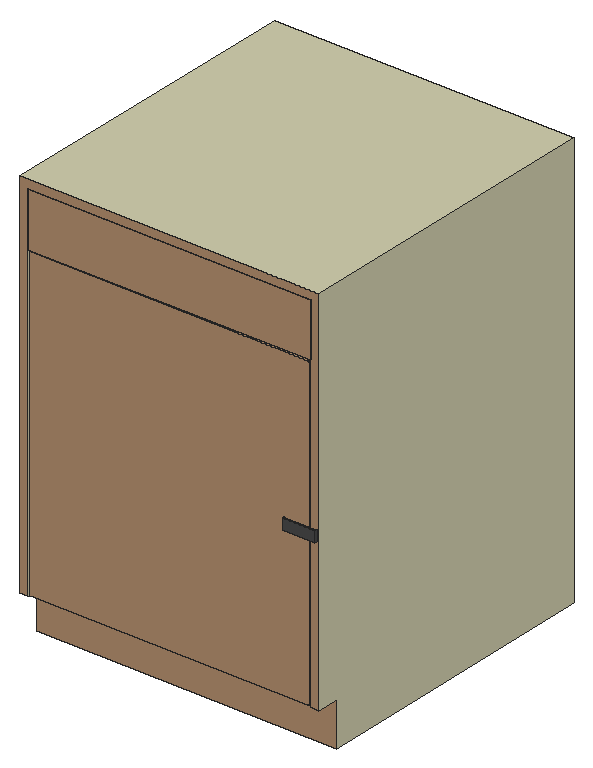
Revit family "Cabinet_Wenger_UltraStor_53", category Furniture, Revit 2015
Parameters (values of type "UltraStor Cabinet #53 - Comp Wood Doors")
  URL = "https://www.wengercorp.com/"
  Type Comments = ""
  Specification = "http://www.arcat.com/sdspecs/htm04/12_35_83wen.htm"
  Shelf Thickness = 0' - 1 1/8"
  Sales Information = "https://www.wengercorp.com/contact-us.php"
  Revision = "R1_2018-04"
  Rear Panel Thickness = 0' - 0 3/4"
  Product Data = "http://www.arcat.com/arcatcos/cos36/arc36487.html"
  Manufacturer Website = "https://www.wengercorp.com/"
  Manufacturer Phone - Toll Free = "800-4WENGER"
  Manufacturer Phone = "(507) 455-4100"
  Manufacturer Fax = "(507) 455-4258"
  Manufacturer Address = "555 Park Dr., Owatonna, MN 55060"
  Keynote = "12 35 83"
  HasDoors = yes
  Green Building-LEED = "http://www.arcat.com/green/clients/leed_data_36487.html"
  Drawn By = "Sumex Design, Inc. / Robert S. Weygant, CSI, CDT, SCIP"
  Door Width = (Cabinet Width - 0' 3") / 3  # 0' - 8.16667"
  Door Style = Door_Base : Solid Door
  Door Material [instance] = Wenger Cherry (Use Cherry Edge Band Only)
  Door Height = (Cabinet Height - 0' 4 3/4") / 5  # 0' - 6.7125"
  Toe Kick Material [instance] = Wenger Cherry (Use Cherry Edge Band Only)
  RH End Panel [instance] = no
  Model = "#53"
  Manufacturer = "Wenger Corporation"
  LH End Panel [instance] = no
  End Panel Material [instance] = Wenger Cherry (Use Cherry Edge Band Only)
  Edge Banding Material [instance] = Wenger Cherry (Use Cherry Edge Band Only)
  Cost = 0
  Copyright = "© 2018 Arcat Inc."
  Construction Details = "http://www.arcat.com/details/wengerco/wengerco.html?coid=36487"
  Body Material [instance] = Wenger - Oyster
  Description = "Wenger UltraStor Cabinet #53 - Comp Wood Doors"
  Cabinet Width = 2' - 3 1/2"
  Cabinet Height = 3' - 2 5/16"
  Installed Depth = 2' - 5 1/4"
  Cabinet Panel Thickness = 0' - 0 3/4"
  Assembly Code = "E2010200"
Types (14): name | Rear Panel Thickness | HasDoors | Door Width | Door Style | Door Material | Model | Description | Cabinet Width | Installed Depth
  Acoustic Cabinet #53 - No Doors | 0' - 3 1/4" | no | 0' - 8.16667" | Door_Base : Solid Door | none | "#53A" | "Wenger Acoustic Cabinet #53 - No Doors" | 2' - 3 1/2" | 2' - 7 3/4"
  Narrow Acoustic Cabinet #53 - No Doors | 0' - 3 1/4" | no | 0' - 6.16667" | Door_Base : Solid Door | none | "#53NA" | "Wenger Narrow Acoustic Cabinet #53 - No Doors" | 1' - 9 1/2" | 2' - 7 3/4"
  Acoustic Cabinet #53 - Comp Waterfall Grille Doors | 0' - 3 1/4" | yes | 0' - 8.16667" | Door_Base : Waterfall | Painted Black | "#53A" | "Wenger Acoustic Cabinet #53 - Comp Waterfall Grille Doors" | 2' - 3 1/2" | 2' - 7 3/4"
  Narrow Acoustic Cabinet #53 - Comp Grille Doors | 0' - 3 1/4" | yes | 0' - 6.16667" | Door_Base : Bars | Painted Black | "#53NA" | "Wenger Narrow Acoustic Cabinet #53 - Comp Grille Doors" | 1' - 9 1/2" | 2' - 7 3/4"
  Narrow Acoustic Cabinet #53 - Comp Waterfall Grille Doors | 0' - 3 1/4" | yes | 0' - 6.16667" | Door_Base : Waterfall | Painted Black | "#53NA" | "Wenger Narrow Acoustic Cabinet #53 - Comp Waterfall Grille Doors" | 1' - 9 1/2" | 2' - 7 3/4"
  Acoustic Cabinet #53 - Comp Grille Doors | 0' - 3 1/4" | yes | 0' - 8.16667" | Door_Base : Bars | Painted Black | "#53A" | "Wenger Acoustic Cabinet #53 - Comp Grille Doors" | 2' - 3 1/2" | 2' - 7 3/4"
  Narrow UltraStor Cabinet #53 - Comp Waterfall Grille Doors | 0' - 0 3/4" | yes | 0' - 6.16667" | Door_Base : Waterfall | Painted Black | "#53N" | "Wenger Narrow Cabinet #53 - Comp Waterfall Grille Doors" | 1' - 9 1/2" | 2' - 5 1/4"
  Narrow UltraStor Cabinet #53 - Comp Grille Doors | 0' - 0 3/4" | yes | 0' - 6.16667" | Door_Base : Bars | Painted Black | "#53N" | "Wenger Narrow Cabinet #53 - Comp Grille Doors" | 1' - 9 1/2" | 2' - 5 1/4"
  UltraStor Cabinet #53 - Comp Wood Doors | 0' - 0 3/4" | yes | 0' - 8.16667" | Door_Base : Solid Door | Wenger Cherry (Use Cherry Edge Band Only) | "#53" | "Wenger UltraStor Cabinet #53 - Comp Wood Doors" | 2' - 3 1/2" | 2' - 5 1/4"
  Narrow UltraStor Cabinet #53 - No Doors | 0' - 0 3/4" | no | 0' - 6.16667" | Door_Base : Solid Door | none | "#53N" | "Wenger Narrow Cabinet #53 - No Doors" | 1' - 9 1/2" | 2' - 5 1/4"
  UltraStor Cabinet #53 - No Doors | 0' - 0 3/4" | no | 0' - 8.16667" | Door_Base : Solid Door | none | "#53" | "Wenger UltraStor Cabinet #53 - No Doors" | 2' - 3 1/2" | 2' - 5 1/4"
  Narrow UltraStor Cabinet #53 - Comp Wood Doors | 0' - 0 3/4" | yes | 0' - 6.16667" | Door_Base : Solid Door | Wenger Cherry (Use Cherry Edge Band Only) | "#53N" | "Wenger Narrow Cabinet #53 - Comp Wood Doors" | 1' - 9 1/2" | 2' - 5 1/4"
  UltraStor Cabinet #53 - Comp Waterfall Grille Doors | 0' - 0 3/4" | yes | 0' - 8.16667" | Door_Base : Waterfall | Painted Black | "#53" | "Wenger UltraStor Cabinet #53 - Comp Waterfall Grille Doors" | 2' - 3 1/2" | 2' - 5 1/4"
  UltraStor Cabinet #53 - Comp Grille Doors | 0' - 0 3/4" | yes | 0' - 8.16667" | Door_Base : Bars | Painted Black | "#53" | "Wenger UltraStor Cabinet #53 - Comp Grille Doors" | 2' - 3 1/2" | 2' - 5 1/4"
Reference planes (in)
  plane 1 "Front": y = 0
  plane 2: z = 0
  plane 3 "Left": x = 0
  plane 4 "Right": x = 27.5
  plane 5 "Back": y = 29.25
  plane 6 "Top": z = 38.3125
  plane 7: z = 4
  plane 8: x = 0.75
  plane 9: x = 26.75
  plane 10: z = 37.5625
  plane 11: x = 8.91667
  plane 12: x = 9.66667
  plane 13: x = 17.83333
  plane 14: x = 18.58333
  plane 15: y = 28.5
  plane 16: y = 2
  plane 17: y = 0.75
  plane 18: z = 5.125
  plane 19: z = 32.5625
Forms (in)
  Extrusion 1, solid, material "Wenger - Oyster" <- "Body Material"
    sketch origin (0, 0, 0) x (0, 1, 0) y (0, 0, 1)
      loop
        line (0, 38.3125) -> (0, 4) -> (2, 4) -> (2, 0) -> (29.25, 0) -> (29.25, 38.3125) -> (0, 38.3125)
    from 0 to 27.5
  Extrusion 2, void
    sketch origin (0, 0, 0) x (0, 1, 0) y (0, 0, 1)
      loop
        line (-5.5, 37.5625) -> (-5.5, 4) -> (0.75, 4)
        arc (0.75, 4) -> (1.15915, 4.80234) -> (2, 5.125) r 1.25694
        line (2, 5.125) -> (28.5, 5.125) -> (28.5, 37.5625) -> (-5.5, 37.5625)
    from 0.75 to 26.75
  Extrusion 3, void
    sketch origin (0, 0, 0) x (0, 1, 0) y (0, 0, 1)
      loop
        line (0, 37.5625) -> (0, 4) -> (0.0625, 4) -> (0.0625, 37.5625) -> (0, 37.5625)
    from 0.75 to 26.75
  Extrusion 4, solid, material "Wenger Cherry (Use Cherry Edge Band Only)" <- "Toe Kick Material"
    sketch origin (0, 0, 0) x (0, 1, 0) y (0, 0, 1)
      loop
        line (0, 37.5625) -> (0, 32.5625) -> (0.75, 32.5625) -> (0.75, 37.5625) -> (0, 37.5625)
    from 0.75 to 26.75
Cuts and joins
  Extrusion 2, Extrusion 3 cuts Extrusion 1
Lines and regions (in)
  Masking region 1
    outline origin (0, 0, 0) x (1, 0, 0) y (0, 1, 0)
      loop
        line (0, 29.25) -> (0, 0) -> (27.5, 0) -> (27.5, 29.25) -> (0, 29.25)
Dimensions and locks (in)
  "Cabinet Panel Thickness": plane 3 "Left" to plane 8
  "Cabinet Panel Thickness": plane 9 to plane 4 "Right"
  "Cabinet Panel Thickness": plane 5 "Back" to plane 15
  locked: plane 1 "Front" to plane 17 at 0.75
  locked: plane 1 "Front" to plane 16 at 2
  "Cabinet Panel Thickness": plane 6 "Top" to plane 10
  "Shelf Thickness": plane 18 to plane 7
  "Cabinet Width": plane 3 "Left" to plane 4 "Right"
  locked: plane 7 to level at 4
  "Cabinet Height": plane 6 "Top" to level
  "Installed Depth": plane 1 "Front" to plane 5 "Back"
  "Door Width": plane 11 to plane 8
  "Door Width": plane 13 to plane 12
  "Door Width": plane 9 to plane 14
  plane 3 "Left" to plane 4 "Right" = 2' - 3 1/2"
  locked: plane 14 to plane 13 at 0.75
  equal spacing: plane 12, nested 2, plane 13
  equal spacing: plane 5 "Back", nested 2, plane 1 "Front"
  locked: plane 10 to plane 19 at 5
  aligned and locked: Extrusion 1 sketch curve to plane 6 "Top"
  aligned and locked: Extrusion 1 sketch curve to plane 5 "Back"
  aligned and locked: Extrusion 1 sketch curve to plane 1 "Front"
  aligned and locked: Extrusion 1 sketch curve to plane 7
  aligned and locked: Extrusion 1 sketch curve to plane 16
  aligned and locked: Extrusion 1 sketch curve to level
  aligned and locked: Extrusion 1 to plane 4 "Right"
  aligned and locked: Extrusion 1 to plane 3 "Left"
  aligned and locked: Extrusion 2 sketch curve to plane 10
  aligned and locked: Extrusion 2 sketch curve to plane 18
  aligned and locked: Extrusion 2 to plane 8
  aligned and locked: Extrusion 3 sketch curve to cut or joined group of Extrusion 1, Extrusion 2, Extrusion 3  (x3)
  aligned and locked: Extrusion 3 to plane 9
  aligned and locked: Extrusion 3 to plane 8
  aligned and locked: nested 3 to plane 8
  aligned and locked: plane 7 to cut or joined group of Extrusion 1, Extrusion 2, Extrusion 3
  aligned and locked: nested 3 to plane 7
  aligned and locked: plane 17 to Extrusion 2 sketch curve
  aligned and locked: plane 1 "Front" to nested 4
  aligned and locked: nested 4 to level
  aligned and locked: nested 4 to plane 4 "Right"
  aligned and locked: Masking region 1 sketch curve to plane 5 "Back"
  aligned and locked: Masking region 1 sketch curve to plane 1 "Front"
  aligned and locked: plane 3 "Left" to Masking region 1 sketch curve
  aligned and locked: plane 4 "Right" to Masking region 1 sketch curve
  aligned and locked: cut or joined group of Extrusion 1, Extrusion 2, Extrusion 3 to plane 9
  aligned and locked: nested 3 to plane 9
  aligned and locked: plane 10 to Extrusion 4 sketch curve
  aligned and locked: plane 1 "Front" to Extrusion 4 sketch curve
  aligned and locked: Extrusion 4 to plane 9
  aligned and locked: Extrusion 4 to plane 8
  aligned and locked: plane 19 to nested 3
  aligned and locked: Extrusion 4 sketch curve to plane 19
  aligned and locked: Extrusion 4 sketch curve to plane 17
Automatic sketch dimensions
  plane 17 to Extrusion 3 sketch curve = 0' - 0 11/16"
  Extrusion 2 sketch curve to plane 7 = 0' - 0"
  Extrusion 2 sketch curve to plane 16 = 0' - 0"
  Extrusion 2 sketch curve to plane 15 = 0' - 0"
  plane 1 "Front" to Extrusion 2 sketch curve = 0' - 5 1/2"
Nested families (in)
  nested 1: "End Panel" at (0, 14.25, 0) x (0, -1, 0) z (0, 0, 1), End Panel Material <- "End Panel Material", visible <- "LH End Panel", Edge Banding Material <- "Edge Banding Material", type "End Panel"
    with End Panel Material Wenger Cherry (Use Cherry Edge Band Only), Edge Banding Material Wenger Cherry (Use Cherry Edge Band Only), End Panel Height 3' - 2 5/16", End Panel Depth 2' - 5 1/4"
  nested 2: "Labels" at (13.75, 14.625, 0), type "Labels"
  nested 3: "Door_Base" at (13.75, 0, 4) x (1, 0, 0) z (0, -1, 0), type <- "Door Style", visible <- "HasDoors", type "Solid Door", detail levels medium+fine
    with vBars 24, Width 2' - 2", ToeKick Height 0' - 4", MidBar no, Height 2' - 4 9/16", BarHt 2' - 4 1/16", 2HzBars no
  nested 4: "End Panel" at (28.25, 14.25, 0) x (0, -1, 0) z (0, 0, 1), End Panel Material <- "End Panel Material", Edge Banding Material <- "Edge Banding Material", visible <- "RH End Panel", type "End Panel"
    with End Panel Material Wenger Cherry (Use Cherry Edge Band Only), Edge Banding Material Wenger Cherry (Use Cherry Edge Band Only), End Panel Height 3' - 2 5/16", End Panel Depth 2' - 5 1/4"
Definition of nested family "End Panel"
  Parameters (values of type "End Panel")
    End Panel Material [instance] = none
    End Panel Height = 7' - 1 5/8"
    End Panel Depth = 1' - 9 3/4"
    Edge Banding Material [instance] = none
    Default Elevation = 4' - 0"
    Assembly Code = ""
  Reference planes (in)
    plane 1 "Center (Front/Back)": y = 0
    plane 2: z = 0
    plane 3 "Center (Left/Right)": x = 0
    plane 4: x = -15
    plane 5: x = 6.75
    plane 6: z = 4
    plane 7: x = 4.75
    plane 8: z = 85.625
    plane 9: y = -0.75
  Forms (in)
    Extrusion 1, solid, material <- "End Panel Material"
      sketch origin (0, 0, 0) x (1, 0, 0) y (0, 0, 1)
        loop
          line (-15, 85.625) -> (-15, 0) -> (4.75, 0) -> (4.75, 4) -> (6.75, 4) -> (6.75, 85.625) -> (-15, 85.625)
      from 0 to 0.75
  Lines and regions (in)
    Masking region 1, detail levels coarse+medium
      outline origin (0, 0, 0) x (1, 0, 0) y (0, 1, 0)
        loop
          line (-15, 0) -> (-15, -0.75) -> (6.75, -0.75) -> (6.75, 0) -> (-15, 0)
  Dimensions and locks (in)
    locked: plane 7 to plane 5 at 2
    locked: plane 6 to level at 4
    "End Panel Height": plane 8 to level
    "End Panel Depth": plane 5 to plane 4
    locked: plane 9 to plane 1 "Center (Front/Back)" at 0.75
    aligned and locked: plane 4 to Extrusion 1 sketch curve
    aligned and locked: level to Extrusion 1 sketch curve
    aligned and locked: plane 7 to Extrusion 1 sketch curve
    aligned and locked: plane 6 to Extrusion 1 sketch curve
    aligned and locked: Extrusion 1 sketch curve to plane 5
    aligned and locked: Extrusion 1 sketch curve to plane 8
    aligned and locked: Extrusion 1 to plane 9
    aligned and locked: Extrusion 1 to plane 1 "Center (Front/Back)"
    aligned and locked: plane 4 to Masking region 1 sketch curve
    aligned and locked: Masking region 1 sketch curve to plane 5
    aligned and locked: plane 1 "Center (Front/Back)" to Masking region 1 sketch curve
    aligned and locked: plane 9 to Masking region 1 sketch curve
Definition of nested family "Door_Base"
  Parameters (values of type "Bars")
    vBars [instance] = (Width - 0' 2") / 0' 1"  # 6
    Width [instance] = 0' - 8"
    ToeKick Height [instance] = 0' - 4"
    Thickness = 0' - 0 1/4"
    Solid Door = no
    Shelf Thickness = 0' - 0 3/4"
    Panel Thickness = 0' - 0 3/4"
    MidBar [instance] = and(Height < 1' 6", not(Solid Door))  # yes
    Height [instance] = 1' - 2 5/8"
    Edge Banding = none
    DoorGap = 0' - 0 1/8"
    Door Finish = none
    Depth = 2' - 0"
    Default Elevation = 4' - 0"
    Bars = yes
    BarStyle = Bars : Straight
    BarHt [instance] = Height - 0' 0 1/2"  # 1' - 2 1/8"
    2HzBars [instance] = and(Height > 1' 6", not(Solid Door))  # no
  Types (3): name | Thickness | Solid Door | MidBar | Bars | BarStyle
    Solid Door | 0' - 0 3/4" | yes | no | no | Bars : Waterfall
    Bars | 0' - 0 1/4" | no | yes | yes | Bars : Straight
    Waterfall | 0' - 0 3/4" | no | yes | yes | Bars : Waterfall
  Reference planes (in)
    plane 1 "Center (Front/Back)": y = 0
    plane 2: z = 0
    plane 3 "Center (Left/Right)": x = 0
    plane 4: x = -4
    plane 5: y = 14.625
    plane 6: x = 4
    plane 7: z = -0.25
    plane 8: x = -3.875
    plane 9: x = 3.875
    plane 10: y = 0.125
    plane 11: y = 14.5
    plane 12: y = -0.75
    plane 13 "CL Elev": y = 7.3125
    plane 14: x = -3.75
    plane 15: x = 3.75
    plane 16 "BtmRail": y = 0.25
    plane 17: y = 14.375
    plane 18: z = -0.125
    plane 19: x = -2.75
    plane 20: x = 2.75
    plane 21: y = 9.66667
    plane 22: y = 4.95833
  Forms (in)
    Extrusion 1, solid, material <- "Door Finish", visible <- "Solid Door", detail levels medium+fine
      sketch origin (0, 0, 0) x (1, 0, 0) y (0, 1, 0)
        loop
          arc (-3.75, 14.5) -> (-3.83839, 14.46339) -> (-3.875, 14.375) r 0.125
          line (-3.875, 14.375) -> (-3.875, 0.25)
          arc (-3.875, 0.25) -> (-3.83839, 0.16161) -> (-3.75, 0.125) r 0.125
          line (-3.75, 0.125) -> (3.75, 0.125)
          arc (3.75, 0.125) -> (3.83839, 0.16161) -> (3.875, 0.25) r 0.125
          line (3.875, 0.25) -> (3.875, 14.375)
          arc (3.875, 14.375) -> (3.83839, 14.46339) -> (3.75, 14.5) r 0.125
          line (3.75, 14.5) -> (-3.75, 14.5)
      from 0 to -0.25
    Sweep 2, solid, material <- "Door Finish", visible <- "Bars", detail levels medium+fine
      path origin (0, 0, 0) x (1, 0, 0) y (0, 1, 0)
        loop
          arc (-3.125, 14.5) -> (-3.65533, 14.28033) -> (-3.875, 13.75) r 0.75
          line (-3.875, 13.75) -> (-3.875, 0.875)
          arc (-3.875, 0.875) -> (-3.65533, 0.34467) -> (-3.125, 0.125) r 0.75
          line (-3.125, 0.125) -> (3.125, 0.125)
          arc (3.125, 0.125) -> (3.65533, 0.34467) -> (3.875, 0.875) r 0.75
          line (3.875, 0.875) -> (3.875, 13.75)
          arc (3.875, 13.75) -> (3.65533, 14.28033) -> (3.125, 14.5) r 0.75
          line (3.125, 14.5) -> (-3.125, 14.5)
      profile origin (0, 14.5, 0) x (0, 1, 0) y (0, 0, 1)
        loop
          circle (-0.125, -0.125) r 0.125
    Extrusion 3, solid, material <- "Door Finish", visible <- "MidBar", detail levels medium+fine
      sketch origin (0, 0, 0) x (0, 1, 0) y (0, 0, 1)
        loop
          circle (7.3125, -0.125) r 0.125
      from -3.75 to 3.75
    Extrusion 4, solid, detail levels fine
      sketch origin (0, 0, 0) x (1, 0, 0) y (0, 1, 0)
        loop
          line (1.5, 7.8125) -> (1.5, 6.8125) -> (4.5, 6.8125) -> (4.5, 7.8125) -> (1.5, 7.8125)
      from 0 to 0.125
    Extrusion 5, solid, material <- "Door Finish", visible <- "2HzBars", detail levels medium+fine
      sketch origin (0, 0, 0) x (0, 1, 0) y (0, 0, 1)
        loop
          circle (9.66667, -0.125) r 0.125
        loop
          circle (4.95833, -0.125) r 0.125
      from -3.75 to 3.75
  Lines and regions (in)
    symbolic lines, detail levels medium+fine
      curve 1: line (4, 0.25, 0) -> (-4, 0.25, 0)
      curve 2: line (-4, 0.25, 0) -> (-4, 0.25, 8)
      curve 3: arc (4, 0.25, 0) -> (1.65685, 0.25, 5.65685) -> (-4, 0.25, 8) r 8
    symbolic lines
      curve 4: line (3.875, 0.25, 0) -> (3.875, 0.25, -0.25)
      curve 5: line (3.875, 0.25, -0.25) -> (-3.875, 0.25, -0.25)
      curve 6: line (-3.875, 0.25, -0.25) -> (-3.875, 0.25, 0)
    symbolic lines, detail levels medium
      curve 7: line (3.875, 14.5, 0) -> (-3.875, 7.3125, 0)
      curve 8: line (-3.875, 7.3125, 0) -> (3.875, 0.125, 0)
  Dimensions and locks (in)
    "Height": plane 1 "Center (Front/Back)" to plane 5
    "Thickness": level to plane 7
    equal spacing: plane 4, plane 3 "Center (Left/Right)", plane 6
    "Width": plane 4 to plane 6
    "DoorGap": plane 5 to plane 11
    "DoorGap": plane 9 to plane 6
    "DoorGap": plane 4 to plane 8
    "DoorGap": plane 1 "Center (Front/Back)" to plane 10
    "Shelf Thickness": plane 1 "Center (Front/Back)" to plane 12
    equal spacing: plane 1 "Center (Front/Back)", plane 13 "CL Elev", plane 5
    locked: plane 15 to plane 9 at 0.125
    locked: plane 8 to plane 14 at 0.125
    locked: plane 11 to plane 17 at 0.125
    locked: plane 16 "BtmRail" to plane 10 at 0.125
    locked: level to plane 18 at 0.125
    plane 19 to plane 14 = 0' - 1"
    locked: plane 15 to plane 20 at 1
    Extrusion 4 sketch curve to plane 13 "CL Elev" to Extrusion 4 sketch curve = 0' - 0 1/2" locked, 0' - 0 1/2" locked
    locked: plane 6 to Extrusion 4 sketch curve at 0.5
    locked: Extrusion 4 sketch curve to plane 6 at 2.5
    locked: Extrusion 4 to level at 0.125
    equal spacing: group 1, group 3, group 4, group 5, group 6, group 2  (x3)
    equal spacing: plane 17, plane 21, plane 22, plane 16 "BtmRail"
    "Width": radius of curve 3
    aligned and locked: plane 2 to level
    aligned and locked: Extrusion 1 sketch curve to plane 11
    aligned and locked: plane 8 to Extrusion 1 sketch curve
    aligned and locked: Extrusion 1 sketch curve to plane 9
    aligned and locked: plane 10 to Extrusion 1 sketch curve
    aligned and locked: Extrusion 1 to plane 7
    aligned and locked: level to Extrusion 1
    aligned and locked: Sweep 2 sketch curve to plane 11
    aligned and locked: plane 8 to Sweep 2 sketch curve
    aligned and locked: plane 10 to Sweep 2 sketch curve
    aligned and locked: Sweep 2 sketch curve to plane 9
    aligned and locked: plane 15 to Extrusion 3
    aligned and locked: Extrusion 3 to plane 14
    aligned and locked: plane 20 to nested 2
    aligned and locked: plane 19 to nested 1
    aligned and locked: plane 21 to Extrusion 5 sketch curve
    aligned and locked: plane 18 to Extrusion 5 sketch curve  (x2)
    aligned and locked: plane 22 to Extrusion 5 sketch curve
    aligned and locked: Extrusion 5 to Extrusion 3  (x2)
    aligned and locked: plane 4 to curve 3  (x2)
    aligned and locked: level to curve 3
    aligned and locked: plane 7 to curve 5
    aligned and locked: Extrusion 1 to plane 8
    aligned and locked: plane 9 to Extrusion 1
    aligned and locked: plane 10 to curve 8
    aligned and locked: plane 9 to curve 8
    aligned and locked: plane 13 "CL Elev" to curve 8
    aligned and locked: plane 11 to curve 7
    aligned and locked: plane 9 to curve 7
  Automatic sketch dimensions
    plane 8 to Sweep 2 sketch curve = 0' - 0 3/4"  (x2)
    Sweep 2 sketch curve to plane 9 = 0' - 0 3/4"
    Sweep 2 sketch curve to Sweep 2 sketch curve = 0' - 0 3/4"
    Sweep 2 sketch curve to level = 0' - 0 1/8"
    profile plane to Sweep 2 sketch curve = 0' - 0 1/8"
    Extrusion 3 sketch curve to level = 0' - 0 1/8"
    Extrusion 3 sketch curve to plane 13 "CL Elev" = 0' - 0"
    curve 8 to plane 8 = 0' - 0"
    Extrusion 1 sketch curve to plane 14 = 0' - 0"  (x2)
    Extrusion 1 sketch curve to plane 15 = 0' - 0"  (x2)
    curve 5 to plane 9 = 0' - 0"
    curve 6 to plane 8 = 0' - 0"
    radius of Sweep 2 sketch curve = 0' - 0 1/8"
    radius of Extrusion 3 sketch curve = 0' - 0 1/8"
    radius of Extrusion 5 sketch curve = 0' - 0 1/8"  (x2)
  Nested families (in)
    nested 1: "Bars" at (-2.75, 0.25, -0.125) x (1, 0, 0) z (0, 1, 0), type <- "BarStyle", visible <- "Bars", type "Straight", detail levels fine
      with Lateral Deviation 0' - 1", Height 1' - 2 1/8"
    nested 2: "Bars" at (2.75, 0.25, -0.125) x (1, 0, 0) z (0, 1, 0), type <- "BarStyle", visible <- "Bars", type "Straight", detail levels fine
      with Lateral Deviation 0' - 1", Height 1' - 2 1/8"
    nested 3: "Bars" at (-1.65, 0.25, -0.125) x (1, 0, 0) z (0, 1, 0), type <- "BarStyle", visible <- "Bars", type "Straight", detail levels fine
      with Lateral Deviation 0' - 1", Height 1' - 2 1/8"
    nested 4: "Bars" at (-0.55, 0.25, -0.125) x (1, 0, 0) z (0, 1, 0), type <- "BarStyle", visible <- "Bars", type "Straight", detail levels fine
      with Lateral Deviation 0' - 1", Height 1' - 2 1/8"
    nested 5: "Bars" at (0.55, 0.25, -0.125) x (1, 0, 0) z (0, 1, 0), type <- "BarStyle", visible <- "Bars", type "Straight", detail levels fine
      with Lateral Deviation 0' - 1", Height 1' - 2 1/8"
    nested 6: "Bars" at (1.65, 0.25, -0.125) x (1, 0, 0) z (0, 1, 0), type <- "BarStyle", visible <- "Bars", type "Straight", detail levels fine
      with Lateral Deviation 0' - 1", Height 1' - 2 1/8"
  Definition of nested family "Bars"
    Parameters (values of type "Straight")
      WaterFall = no
      Straight = yes
      Lateral Deviation = 0' - 1 1/2"
      Height = 1' - 2 5/8"
      Default Elevation = 4' - 0"
      Bars = none
    Types (3): name | WaterFall | Straight
      (no name) | no | yes
      Waterfall | yes | no
      Straight | no | yes
    Reference planes (in)
      plane 1 "Center (Front/Back)": y = 0
      plane 2: z = 0
      plane 3 "Center (Left/Right)": x = 0
      plane 4: z = 14.625
      plane 5: z = 7.3125
      plane 6: x = 0.75
      plane 7: x = -0.75
      plane 8: z = 10.96875
      plane 9: z = 3.65625
    Forms (in)
      Sweep 1, solid, material <- "Bars", visible <- "WaterFall"
        path origin (0, 0, 0) x (1, 0, 0) y (0, 0, 1)
          loop
            arc (0, 0) -> (0.56057, 1.79006) -> (0.75, 3.65625) r 9.28711
            arc (0.75, 3.65625) -> (0.56057, 5.52244) -> (0, 7.3125) r 9.28711
        profile origin (0.56057, 0, 1.79006) x (-0.979603, 0, 0.200944) y (0, -1, 0)
          loop
            circle (0, 0) r 0.0625
      Sweep 2, solid, material <- "Bars", visible <- "WaterFall"
        path origin (0, 0, 14.625) x (-1, 0, 0) y (0, 0, -1)
          loop
            arc (0, 0) -> (0.56057, 1.79006) -> (0.75, 3.65625) r 9.28711
            arc (0.75, 3.65625) -> (0.56057, 5.52244) -> (0, 7.3125) r 9.28711
        profile origin (-0.56057, 0, 12.83494) x (0.979603, 0, -0.200944) y (0, -1, 0)
          loop
            circle (0, 0) r 0.0625
      Extrusion 3, solid, material <- "Bars", visible <- "Straight"
        sketch origin (0, 0, 0) x (1, 0, 0) y (0, 1, 0)
          loop
            circle (0, 0) r 0.0625
        from 0 to 14.625
    Dimensions and locks (in)
      "Height": plane 4 to level
      equal spacing: plane 6, plane 3 "Center (Left/Right)", plane 7
      "Lateral Deviation": plane 6 to plane 7
      equal spacing: plane 4, plane 8, plane 5, plane 9, level
      aligned and locked: plane 2 to level
      aligned and locked: plane 3 "Center (Left/Right)" to Sweep 1 sketch curve  (x2)
      aligned and locked: level to Sweep 1 sketch curve
      aligned and locked: plane 6 to Sweep 1 sketch curve
      aligned and locked: plane 9 to Sweep 1 sketch curve
      aligned and locked: plane 4 to Sweep 2 sketch curve
      aligned and locked: plane 3 "Center (Left/Right)" to Sweep 2 sketch curve  (x2)
      aligned and locked: plane 8 to Sweep 2 sketch curve
      aligned and locked: plane 7 to Sweep 2 sketch curve
      aligned and locked: plane 5 to Sweep 2 sketch curve
      aligned and locked: plane 4 to Extrusion 3
      aligned and locked: Extrusion 3 to level
    Automatic sketch dimensions
      plane 1 "Center (Front/Back)" to Sweep 1 sketch curve = 0' - 0"
      Sweep 1 sketch curve to profile plane = 0' - 0"
      Sweep 1 sketch curve to Sweep 1 sketch curve = 0' - 0"
      Sweep 2 sketch curve to plane 1 "Center (Front/Back)" = 0' - 0"
      Sweep 2 sketch curve to profile plane = 0' - 0"
      plane 1 "Center (Front/Back)" to Extrusion 3 sketch curve = 0' - 0"
      Extrusion 3 sketch curve to plane 3 "Center (Left/Right)" = 0' - 0"
      radius of Sweep 1 sketch curve = 0' - 0 1/16"
      radius of Sweep 2 sketch curve = 0' - 0 1/16"
      radius of Extrusion 3 sketch curve = 0' - 0 1/16"
Definition of nested family "Labels"
  Parameters
    Cabinet Label = "01"
  Reference planes (in)
    plane 1: y = 0
    plane 2: x = 0
  Text (in)
    label "xxxx" at (-0.00018, 0.00754, 0), shows "Cabinet Label"
